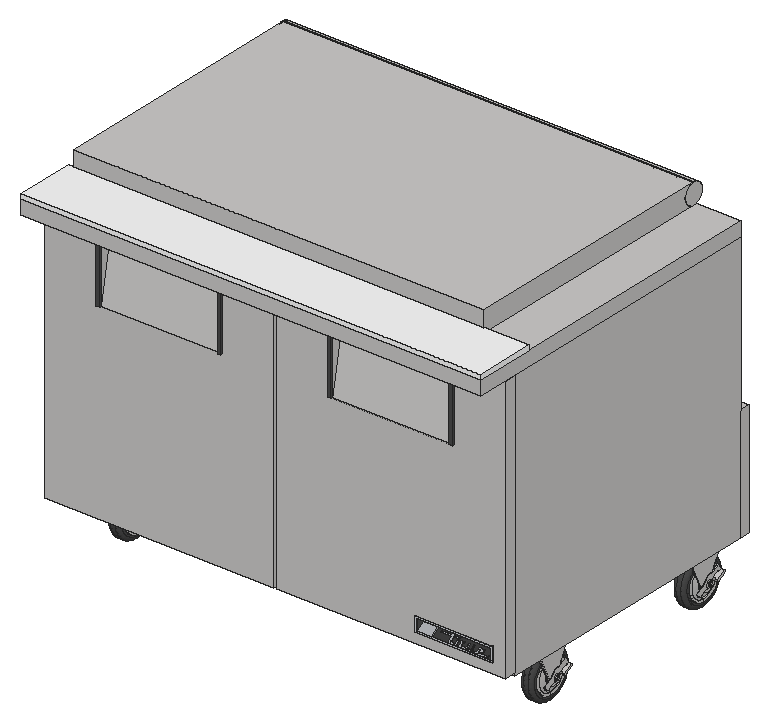
Revit family "QF_TRUE_TSSU-48-18M-B-FGLID-HC_cat", category Specialty Equipment, Revit 2016
Family settings
  Part Type = Normal
  Round Connector Dimension = Use Diameter
  Work Plane-Based = No
  Always vertical = Yes
  Cut with Voids When Loaded = No
  Shared = No
  Room Calculation Point = No
Parameters
  Weight in Pounds = 320
  Watts = if(Phase = 3, Volts * FL Amps * 1.73, Volts * FL Amps)  # 667 W
  Volts = 115 V
  URL Cutsheet = ""
  Specification by User = ""
  Specification by Manufacturer = ""
  Show 6 Inches Seismic Flanged Legs [instance] = no
  Show Logo [instance] = yes
  Show Default Castors [instance] = if(Show 6 Inches Standard Legs, or(Show 6 Inches Seismic Flanged Legs, Show 2.5 Inches Castors), if(Show 2.5 Inches Castors, Show 6 Inches Seismic Flanged Legs, not(or(Show 6 Inches Seismic Flanged Legs, Show 2.5 Inches Castors, Show 6 Inches Standard Legs))))  # yes
  Show Clearance [instance] = yes
  Show 6 Inches Standard Legs [instance] = no
  Show 2.5 Inches Castors [instance] = no
  Serial Number = ""
  Seismic Rating = ""
  SMACNA No = ""
  Revision Code = ""
  Phase = 1
  Number of Poles = 1
  NAFEM Spec ID Number = ""
  Model = "TSSU-48-18M-B-FGLID-HC"
  Min Ckt Ampacity = 0 A
  Max Overcurrent Protection = 0 A
  Masterspec = ""
  Manufacturer = "TRUE"
  Length = 48 5/16"
  Item Number = ""
  Installed By = ""
  Identify Quantity as Lot = yes
  Height [instance] = Base Height + Body Height  # 38 1/16"
  HP = "1/3"
  Furnished By = ""
  Foodservice Equipment Identifier = yes
  FL Amps = 5.8 A
  Electrical Remarks = ""
  Electric Connection Type = ""
  Elec Conn RI Height = 0"
  Elec Conn Connection Height = 0"
  Description = "MEGA-TOP SOLID DOOR SANDWICH/SALAD UNIT WITH FLAT GLASS LID AND HYDROCARBON REFRIGERANT"
  Depth = 34 13/16"
  Cycle = 60 Hz
  Conn Plug = "NEMA 5-15P"
  Conn Conduit = yes
  CSI MasterFormat = ""
  Body Height [instance] = 31 7/8"
  Base Height [instance] = if(Show Default Castors, 6 3/16", if(Show 6 Inches Standard Legs, 6", if(Show 6 Inches Seismic Flanged Legs, 6", if(Show 2.5 Inches Castors, 2 1/2", 6 3/16"))))  # 6 3/16"
  Apparent Power = if(Phase = 3, Volts * FL Amps * 1.73, Volts * FL Amps)  # 667 VA
  6 Inches Standard Legs [instance] = and(Show 6 Inches Standard Legs, not(Show Default Castors))  # no
  6 Inches Seismic Flanged Legs [instance] = and(Show 6 Inches Seismic Flanged Legs, not(Show Default Castors))  # no
  2.5 Inches Castors [instance] = and(Show 2.5 Inches Castors, not(Show Default Castors))  # no
Reference planes (in)
  plane 1 "BACK": y = 0
  plane 2: z = 0
  plane 3 "LEFT": x = 0
  plane 4 "RIGHT": x = 48.3125
  plane 5 "FRONT": y = -34.8125
  plane 6 "TOP": z = 38.0625
  plane 7 "Center Y": x = 24.15625
  plane 8 "Center X": y = -17.40625
  plane 9: y = -52.28125
  plane 10: z = 6.1875
Dimensions and locks (in)
  equal spacing: plane 3 "LEFT", plane 7 "Center Y", plane 4 "RIGHT"
  "Length": plane 3 "LEFT" to plane 4 "RIGHT"
  equal spacing: plane 5 "FRONT", plane 8 "Center X", plane 1 "BACK"
  "Depth": plane 5 "FRONT" to plane 1 "BACK"
  "Base Height": plane 10 to level
  plane 3 "LEFT" to plane 4 "RIGHT" = 48 5/16"
  plane 9 to plane 5 "FRONT" = 17 15/32"  (x2)
  plane 9 to plane 1 "BACK" = 52 9/32"
  "Body Height": plane 6 "TOP" to plane 10
  plane 6 "TOP" to level = 38 1/16"
  aligned and locked: level to plane 2
  aligned and locked: nested 5 to plane 10
Nested families (in)
  nested 1: "CASTORS" at (2.5, -4.5, 0), Show 6" Casters <- "Show Default Castors", Show Seismic flanged legs <- "6 Inches Seismic Flanged Legs", Show Standard Legs <- "6 Inches Standard Legs", Show 2.5" Casters <- "2.5 Inches Castors", type "CASTORS"
    with Type Mark "", Status "", Specification by User "", Show Standard Legs no, Show Seismic flanged legs no, Show 6" Casters yes, Show 2.5" Casters no, Revision Code "", Key Locks yes, Item Number "", Installed By "", Identify Quantity as Lot yes, Furnished By "", Foodservice Equipment Identifier yes
  nested 2: "CASTORS" at (45.8125, -4.5, 0), Show 6" Casters <- "Show Default Castors", Show Seismic flanged legs <- "6 Inches Seismic Flanged Legs", Show Standard Legs <- "6 Inches Standard Legs", Show 2.5" Casters <- "2.5 Inches Castors", type "CASTORS"
    with Type Mark "", Status "", Specification by User "", Show Standard Legs no, Show Seismic flanged legs no, Show 6" Casters yes, Show 2.5" Casters no, Revision Code "", Key Locks yes, Item Number "", Installed By "", Identify Quantity as Lot yes, Furnished By "", Foodservice Equipment Identifier yes
  nested 3: "CASTORS" at (45.8125, -24.5, 0), Show 6" Casters <- "Show Default Castors", Show Seismic flanged legs <- "6 Inches Seismic Flanged Legs", Show Standard Legs <- "6 Inches Standard Legs", Show 2.5" Casters <- "2.5 Inches Castors", type "CASTORS"
    with Type Mark "", Status "", Specification by User "", Show Standard Legs no, Show Seismic flanged legs no, Show 6" Casters yes, Show 2.5" Casters no, Revision Code "", Key Locks yes, Item Number "", Installed By "", Identify Quantity as Lot yes, Furnished By "", Foodservice Equipment Identifier yes
  nested 4: "CASTORS" at (2.5, -24.5, 0), Show 6" Casters <- "Show Default Castors", Show Seismic flanged legs <- "6 Inches Seismic Flanged Legs", Show Standard Legs <- "6 Inches Standard Legs", Show 2.5" Casters <- "2.5 Inches Castors", type "CASTORS"
    with Type Mark "", Status "", Specification by User "", Show Standard Legs no, Show Seismic flanged legs no, Show 6" Casters yes, Show 2.5" Casters no, Revision Code "", Key Locks yes, Item Number "", Installed By "", Identify Quantity as Lot yes, Furnished By "", Foodservice Equipment Identifier yes
  nested 5: "TSSU-48-18M-B-FGLID-HC" at (0, -0.75, 0), Show Clearance <- "Show Clearance", Show Logo <- "Show Logo", type "TSSU-48-18M-B-FGLID-HC"
    with Show Logo yes, Show Clearance yes
Connectors (in)
  electrical at (45.36272, 0.25, 10.426), driven by "Volts", driven by "Watts"
    settings: on nested 5, index 1, voltage 115 V, apparent load 667 VA, apparent load phase1 0 VA, apparent load phase2 0 VA, apparent load phase3 0 VA, power factor 1, load classification "Other", number of poles 1, system type 30, power factor state 1, is connector primary yes, connector utility no, sub classification motor no, connector description "ELECTRICAL CONNECTION"
Definition of nested family "CASTORS"
  Parameters (values of type "CASTORS")
    Weight = ""
    URL Manufacturer = ""
    URL Cutsheet = ""
    URL = ""
    Type Mark [instance] = ""
    Status [instance] = ""
    Specification by User [instance] = ""
    Specification by Manufacturer = ""
    Show Standard Legs [instance] = yes
    Show Seismic flanged legs [instance] = yes
    Show 6" Casters [instance] = yes
    Show 2.5" Casters [instance] = yes
    Serial Number = ""
    Seismic Rating = ""
    SMACNA No = ""
    Revision Code [instance] = ""
    Omniclass Number and Title = ""
    NAFEM Spec ID Number = ""
    Model = ""
    MasterSpec. = ""
    Manufacturer = ""
    Key Locks [instance] = yes
    Item Number [instance] = ""
    Installed By [instance] = ""
    Identify Quantity as Lot [instance] = yes
    Furnished By [instance] = ""
    Foodservice Equipment Identifier [instance] = yes
    Description = ""
    CSI MasterFormat = ""
    CSI Master Format = ""
    Assembly Code = ""
  Reference planes (in)
    plane 1: z = 0
    plane 2 "RIGHT": x = 0
    plane 3 "FRONT": y = 0
    plane 4 "TOP": z = 6
    plane 5: z = 6.1875
  Forms (in)
    Revolve 1, solid, visible <- "Show 6" Casters"
      sketch origin (0, 2.21793, 0) x (0, 1, 0) y (0, 0, 1)
        loop
          line (-2.21793, 6.1875) -> (-2.21793, 5.55584) -> (-0.93693, 5.55584) -> (-0.93693, 6.1875) -> (-2.21793, 6.1875)
        axis (-2.21793, 5.55584) -> (-2.21793, 6.1875)
      angle from 0 to 360
    Extrusion 2, solid, visible <- "Show 6" Casters"
      sketch origin (-1.81294, 2.21793, 0) x (0, 1, 0) y (0, 0, 1)
        loop
          line (-3.37793, 5.55584) -> (-3.37793, 5.25584) -> (-3.23369, 5.25584)
          arc (-3.23369, 5.25584) -> (-3.1238, 5.20977) -> (-3.03725, 5.12786) r 0.33195
          line (-3.03725, 5.12786) -> (-1.55521, 1.94961)
          arc (-1.55521, 1.94961) -> (-0.54268, 1.81523) -> (-0.22336, 2.78544) r 0.8
          arc (-0.22336, 2.78544) -> (-0.27816, 2.89808) -> (-0.34988, 3.00079) r 0.8
          arc (-0.34988, 3.00079) -> (-0.37005, 3.3613) -> (-0.26088, 3.70547) r 1
          line (-0.26088, 3.70547) -> (0.31507, 4.78867)
          arc (0.31507, 4.78867) -> (-0.09241, 4.97284) -> (-0.5252, 5.08531) r 2.63
          line (-0.5252, 5.08531) -> (-0.54193, 5.25584) -> (-1.05793, 5.25584) -> (-1.05793, 5.55584) -> (-3.37793, 5.55584)
      from 0.78968 to 0.90247
    Extrusion 3, solid, visible <- "Show 6" Casters"
      sketch origin (0.13094, 2.21793, 0) x (0, 1, 0) y (0, 0, 1)
        loop
          line (-3.37793, 5.55584) -> (-3.37793, 5.25584) -> (-3.23369, 5.25584)
          arc (-3.23369, 5.25584) -> (-3.1238, 5.20977) -> (-3.03725, 5.12786) r 0.33195
          line (-3.03725, 5.12786) -> (-1.55521, 1.94961)
          arc (-1.55521, 1.94961) -> (-0.54268, 1.81523) -> (-0.22336, 2.78544) r 0.8
          arc (-0.22336, 2.78544) -> (-0.27816, 2.89808) -> (-0.34988, 3.00079) r 0.8
          arc (-0.34988, 3.00079) -> (-0.37005, 3.3613) -> (-0.26088, 3.70547) r 1
          line (-0.26088, 3.70547) -> (0.31507, 4.78867)
          arc (0.31507, 4.78867) -> (-0.09241, 4.97284) -> (-0.5252, 5.08531) r 2.63
          line (-0.5252, 5.08531) -> (-0.54193, 5.25584) -> (-1.05793, 5.25584) -> (-1.05793, 5.55584) -> (-3.37793, 5.55584)
      from 0.78968 to 0.90247
    Extrusion 4, solid, visible <- "Show 6" Casters"
      sketch origin (-1.93794, 2.21793, 0) x (0, 1, 0) y (0, 0, 1)
        loop
          line (-3.37793, 5.55584) -> (-3.37793, 5.25584) -> (-3.23369, 5.25584) -> (-0.7432, 5.03796) -> (0.2811, 4.72479) -> (0.31507, 4.78867)
          arc (0.31507, 4.78867) -> (-0.09241, 4.97284) -> (-0.5252, 5.08531) r 2.63
          line (-0.5252, 5.08531) -> (-0.54193, 5.25584) -> (-1.05793, 5.25584) -> (-1.05793, 5.55584) -> (-3.37793, 5.55584)
      from 1.02747 to 2.85669
    Revolve 5, solid, visible <- "Show 6" Casters"
      sketch origin (-1.93794, 1.21343, 0) x (1, 0, 0) y (0, 0, 1)
        loop
          line (0.5843, 2.5041) -> (3.2907, 2.5041) -> (3.2907, 2.6421) -> (3.2407, 2.6921) -> (3.1807, 2.6921) -> (3.1807, 2.8278) -> (2.7025, 2.8278) -> (2.7025, 3.22009) -> (2.5625, 3.30092) -> (2.42847, 4.1291) -> (2.59375, 4.1291) -> (2.59375, 4.3791) -> (2.5625, 4.3791) -> (2.5625, 4.6291)
          arc (2.5625, 4.6291) -> (2.45267, 4.89426) -> (2.1875, 5.0041) r 0.375
          line (2.1875, 5.0041) -> (1.6875, 5.0041)
          arc (1.6875, 5.0041) -> (1.42233, 4.89426) -> (1.3125, 4.6291) r 0.375
          line (1.3125, 4.6291) -> (1.3125, 4.3791) -> (1.28125, 4.3791) -> (1.28125, 4.1291) -> (1.44653, 4.1291) -> (1.31307, 3.30443) -> (1.1725, 3.22327) -> (1.1725, 2.8278) -> (0.6943, 2.8278) -> (0.6943, 2.6921) -> (0.6343, 2.6921) -> (0.5843, 2.6421) -> (0.5843, 2.5041)
        axis (0.5843, 2.5041) -> (3.2907, 2.5041)
      angle from 0 to 360
    Extrusion 6, solid, visible <- "Show 6" Casters"
      sketch origin (1.125, 2.28164, 0.06473) x (0, 1, 0) y (0, 0, 1)
        loop
          line (-2.58496, 2.03961) -> (-2.48146, 1.86034)
          arc (-2.48146, 1.86034) -> (-2.2914, 1.71451) -> (-2.05389, 1.74578) r 0.313
          line (-2.05389, 1.74578) -> (-1.65224, 1.97767)
          arc (-1.65224, 1.97767) -> (-1.57675, 2.00894) -> (-1.49574, 2.01961) r 0.313
          line (-1.49574, 2.01961) -> (-0.75504, 2.01961)
          arc (-0.75504, 2.01961) -> (-0.50047, 2.10967) -> (-0.33862, 2.32583) r 0.46592
          arc (-0.33862, 2.32583) -> (-0.3435, 2.357) -> (-0.36609, 2.37904) r 0.05
          arc (-0.36609, 2.37904) -> (-0.62217, 2.51108) -> (-0.52795, 2.78336) r 0.22
          line (-0.52795, 2.78336) -> (0.14284, 3.17074)
          arc (0.14284, 3.17074) -> (0.24081, 3.14321) -> (0.21087, 3.04595) r 0.07109
          line (0.21087, 3.04595) -> (0.3415, 2.91533)
          arc (0.3415, 2.91533) -> (0.46473, 3.10362) -> (0.42979, 3.32592) r 0.313
          line (0.42979, 3.32592) -> (0.23309, 3.66661) -> (-0.54633, 3.21661)
          arc (-0.54633, 3.21661) -> (-0.67098, 3.20163) -> (-0.79652, 3.20306) r 0.9589
          arc (-0.79652, 3.20306) -> (-1.13602, 3.13035) -> (-1.38688, 2.89031) r 0.63657
          arc (-1.38688, 2.89031) -> (-1.45411, 2.76529) -> (-1.53273, 2.64711) r 1.51617
          line (-1.53273, 2.64711) -> (-1.89213, 2.43961) -> (-2.58496, 2.03961)
      from 0 to 0.0625
    Extrusion 7, solid, visible <- "Show 6" Casters"
      sketch origin (1.125, 2.28164, 0.06473) x (0, 1, 0) y (0, 0, 1)
        loop
          arc (-0.45692, 2.6604) -> (-0.48136, 2.54745) -> (-0.36656, 2.53415) r 0.078
          line (-0.36656, 2.53415) -> (0.3415, 2.91533)
          arc (0.3415, 2.91533) -> (0.44304, 3.03852) -> (0.47061, 3.19578) r 0.313
          line (0.47061, 3.19578) -> (-0.45692, 2.6604)
      from 0 to 0.5
    Extrusion 8, solid, visible <- "Show 6" Casters"
      sketch origin (-1.125, 2.28164, 0.06473) x (0, 1, 0) y (0, 0, -1)
        loop
          line (-2.58496, -2.03961) -> (-1.89213, -2.43961) -> (-1.53273, -2.64711)
          arc (-1.53273, -2.64711) -> (-1.45411, -2.76529) -> (-1.38688, -2.89031) r 1.51617
          arc (-1.38688, -2.89031) -> (-1.13602, -3.13035) -> (-0.79652, -3.20306) r 0.63657
          arc (-0.79652, -3.20306) -> (-0.67098, -3.20163) -> (-0.54633, -3.21661) r 0.9589
          line (-0.54633, -3.21661) -> (0.23309, -3.66661) -> (0.42979, -3.32592)
          arc (0.42979, -3.32592) -> (0.46473, -3.10362) -> (0.3415, -2.91533) r 0.313
          line (0.3415, -2.91533) -> (0.21087, -3.04595)
          arc (0.21087, -3.04595) -> (0.24081, -3.14321) -> (0.14284, -3.17074) r 0.07109
          line (0.14284, -3.17074) -> (-0.52795, -2.78336)
          arc (-0.52795, -2.78336) -> (-0.62217, -2.51108) -> (-0.36609, -2.37904) r 0.22
          arc (-0.36609, -2.37904) -> (-0.3435, -2.357) -> (-0.33862, -2.32583) r 0.05
          arc (-0.33862, -2.32583) -> (-0.50047, -2.10967) -> (-0.75504, -2.01961) r 0.46592
          line (-0.75504, -2.01961) -> (-1.49574, -2.01961)
          arc (-1.49574, -2.01961) -> (-1.57675, -2.00894) -> (-1.65224, -1.97767) r 0.313
          line (-1.65224, -1.97767) -> (-2.05389, -1.74578)
          arc (-2.05389, -1.74578) -> (-2.2914, -1.71451) -> (-2.48146, -1.86034) r 0.313
          line (-2.48146, -1.86034) -> (-2.58496, -2.03961)
      from 0 to 0.0625
    Extrusion 9, solid, visible <- "Show 6" Casters"
      sketch origin (-1.125, 2.28164, 0.06473) x (0, 1, 0) y (0, 0, -1)
        loop
          line (-0.45692, -2.6604) -> (0.47061, -3.19578)
          arc (0.47061, -3.19578) -> (0.44304, -3.03852) -> (0.3415, -2.91533) r 0.313
          line (0.3415, -2.91533) -> (-0.36656, -2.53415)
          arc (-0.36656, -2.53415) -> (-0.48136, -2.54745) -> (-0.45692, -2.6604) r 0.078
      from 0 to 0.5
    Revolve 10, solid, visible <- "Show Standard Legs"
      sketch origin (11.12172, 0, 0) x (-1, 0, 0) y (0, 0, -1)
        loop
          line (11.12172, -6.125) -> (11.12172, 0) -> (10.62172, 0) -> (10.62172, -1.30261) -> (10.37172, -1.30261) -> (10.37172, -6.125) -> (11.12172, -6.125)
        axis (11.12172, 0) -> (11.12172, -6.125)
      angle from 0 to 360
    Extrusion 11, solid, visible <- "Show Seismic flanged legs"
      sketch origin (0, 0, 0) x (1, 0, 0) y (0, 1, 0)
        loop
          circle (-0.00825, 0) r 1
      from 0 to 0.125
    Revolve 12, solid, visible <- "Show Seismic flanged legs"
      sketch origin (11.12172, 0, 0) x (-1, 0, 0) y (0, 0, -1)
        loop
          line (11.12172, -6.125) -> (11.12172, -0.125) -> (10.62172, -0.125) -> (10.62172, -1.30261) -> (10.37172, -1.30261) -> (10.37172, -6.125) -> (11.12172, -6.125)
        axis (11.12172, -0.125) -> (11.12172, -6.125)
      angle from 0 to 360
    Revolve 13, solid, visible <- "Show Standard Legs"
      sketch origin (-2.21793, 0, 0.25) x (-1, 0, 0) y (0, 0, 1)
        loop
          line (-2.21793, 5.875) -> (-2.21793, 5.55584) -> (-0.93693, 5.55584) -> (-0.93693, 5.875) -> (-2.21793, 5.875)
        axis (-2.21793, 5.55584) -> (-2.21793, 5.875)
      angle from 0 to 360
  Cuts and joins
    joined: Extrusion 2, Extrusion 3, Extrusion 4
  Lines and regions (in)
    symbolic lines, visible <- "Show 6" Casters"
      curve 1: line (0.70901, 2.6399, 0) -> (1.79507, 2.01286, 0)
      curve 2: line (-1.79099, -1.69023, 0) -> (-0.91599, -0.17468, 0)
      curve 3: line (-0.70493, -2.31727, 0) -> (-1.79099, -1.69023, 0)
      curve 4: line (1.79507, 2.01286, 0) -> (0.92007, 0.49732, 0)
      curve 5: line (-0.16599, 1.12436, 0) -> (0.70901, 2.6399, 0)
      curve 6: line (0.17007, -0.80172, 0) -> (-0.70493, -2.31727, 0)
  Dimensions and locks (in)
    plane 4 "TOP" to level = 6"  (x2)
    Revolve 5 sketch curve to Revolve 5 sketch curve = 2 1/2"
    plane 5 to level = 6 3/16"
    locked: Revolve 10 sketch curve to Revolve 10 sketch curve at 1.30261
    locked: Revolve 10 sketch curve to Revolve 10 sketch curve at 0.75
    locked: Revolve 12 sketch curve to Revolve 12 sketch curve at 0.75
    aligned and locked: level to plane 1
  Nested families (in)
    nested 1: "2.5 INCHES_CASTER" at (0, 0, 0), visible <- "Show 2.5" Casters", type "2.5 INCHES_CASTER"
      with Type Mark "", Specification by User "", Revision Code "", Item Number "", Installed By "", Identify Quantity as Lot yes, Furnished By "", Foodservice Equipment Identifier yes, 2.5 Inches Caster yes
  Definition of nested family "2.5 INCHES_CASTER"
    Parameters (values of type "2.5 INCHES_CASTER")
      Weight = ""
      URL Manufacturer = ""
      URL Cutsheet = ""
      URL = ""
      Type Mark [instance] = ""
      Specification by User [instance] = ""
      Specification by Manufacturer = ""
      Serial Number = ""
      Seismic Rating = ""
      SMACNA No = ""
      Revision Code [instance] = ""
      Omniclass Number and Title = ""
      NAFEM Spec ID Number = ""
      Model = ""
      MasterSpec. = ""
      Manufacturer = ""
      Item Number [instance] = ""
      Installed By [instance] = ""
      Identify Quantity as Lot [instance] = yes
      Furnished By [instance] = ""
      Foodservice Equipment Identifier [instance] = yes
      Description = ""
      CSI MasterFormat = ""
      CSI Master Format = ""
      Assembly Code = ""
      2.5 Inches Caster [instance] = yes
    Reference planes (in)
      plane 1: z = 0
      plane 2 "RIGHT": x = 0
      plane 3 "FRONT": y = 0
      plane 4 "TOP": z = 2.5
    Forms (in)
      Revolve 1, solid
        sketch origin (-1.93794, 0.46818, -1.0041) x (1, 0, 0) y (0, 0, 1)
          loop
            line (0.74055, 1.92597) -> (0.74055, 1.85047) -> (0.79055, 1.80047) -> (0.85055, 1.80047) -> (0.85055, 1.6804) -> (1.235, 1.6804) -> (1.235, 1.61305) -> (1.38673, 1.52545) -> (1.4003, 1.4416) -> (1.34375, 1.4416) -> (1.34375, 1.3166) -> (1.375, 1.3166) -> (1.375, 1.0041) -> (2.48438, 1.0041) -> (2.48438, 1.3166) -> (2.51563, 1.3166) -> (2.51563, 1.4416) -> (2.45908, 1.4416) -> (2.47322, 1.52897) -> (2.62438, 1.61624) -> (2.62438, 1.6804) -> (3.04007, 1.6804) -> (3.04007, 1.80047) -> (3.10007, 1.80047) -> (3.15007, 1.85047) -> (3.15007, 1.92597) -> (0.74055, 1.92597)
          axis (0.74055, 1.92597) -> (3.15007, 1.92597)
        angle from 0 to 360
      Extrusion 2, solid
        sketch origin (-1.93794, 1.43296, -3.2541) x (0, 1, 0) y (0, 0, 1)
          loop
            line (-0.64294, 5.43229) -> (-0.64294, 5.55298) -> (-2.21294, 5.55298) -> (-2.21294, 5.30272) -> (-1.81966, 5.30272)
            arc (-1.81966, 5.30272) -> (-1.13638, 5.20789) -> (-0.46376, 5.05475) r 8.02767
            arc (-0.46376, 5.05475) -> (-0.19511, 4.95469) -> (0.05138, 4.80832) r 1.60049
            line (0.05138, 4.80832) -> (0.12713, 4.91318)
            arc (0.12713, 4.91318) -> (-0.07255, 5.06376) -> (-0.29048, 5.18644) r 1.8753
            line (-0.29048, 5.18644) -> (-0.22239, 5.30423)
            arc (-0.22239, 5.30423) -> (-0.42776, 5.38437) -> (-0.64294, 5.43229) r 1.44292
        from 1.17357 to 2.70231
      Revolve 3, solid
        sketch origin (0, 1.73858, -3.75) x (0, 1, 0) y (0, 0, 1)
          loop
            line (-1.73858, 6.25) -> (-1.73858, 6.04889) -> (-1.05793, 6.04889) -> (-1.05793, 6.25) -> (-1.73858, 6.25)
          axis (-1.73858, 6.04889) -> (-1.73858, 6.25)
        angle from 0 to 360
      Extrusion 4, solid
        sketch origin (-1.98481, 1.43296, -1.7541) x (0, 1, 0) y (0, 0, 1)
          loop
            line (-2.21294, 4.05298) -> (-2.21294, 3.80272) -> (-2.13999, 3.80272)
            arc (-2.13999, 3.80272) -> (-1.62379, 3.51899) -> (-1.39241, 2.97729) r 0.90292
            arc (-1.39241, 2.97729) -> (-1.36136, 2.78161) -> (-1.29729, 2.59413) r 1.15385
            arc (-1.29729, 2.59413) -> (-0.94802, 2.37355) -> (-0.6121, 2.61396) r 0.37001
            arc (-0.6121, 2.61396) -> (-0.59625, 2.66241) -> (-0.58446, 2.712) r 0.61695
            arc (-0.58446, 2.712) -> (-0.36134, 3.11665) -> (0.05609, 3.31484) r 0.75313
            line (0.05609, 3.31484) -> (0.12713, 3.41318)
            arc (0.12713, 3.41318) -> (-0.07255, 3.56376) -> (-0.29048, 3.68644) r 1.8753
            line (-0.29048, 3.68644) -> (-0.22239, 3.80423)
            arc (-0.22239, 3.80423) -> (-0.42776, 3.88437) -> (-0.64294, 3.93229) r 1.44292
            line (-0.64294, 3.93229) -> (-0.64294, 4.05298) -> (-2.21294, 4.05298)
        from 2.74918 to 2.90825
      Extrusion 5, solid
        sketch origin (1.98481, 1.43296, -1.7541) x (0, 1, 0) y (0, 0, -1)
          loop
            line (-2.21294, -4.05298) -> (-0.64294, -4.05298) -> (-0.64294, -3.93229)
            arc (-0.64294, -3.93229) -> (-0.42776, -3.88437) -> (-0.22239, -3.80423) r 1.44292
            line (-0.22239, -3.80423) -> (-0.29048, -3.68644)
            arc (-0.29048, -3.68644) -> (-0.07255, -3.56376) -> (0.12713, -3.41318) r 1.8753
            line (0.12713, -3.41318) -> (0.05609, -3.31484)
            arc (0.05609, -3.31484) -> (-0.36134, -3.11665) -> (-0.58446, -2.712) r 0.75313
            arc (-0.58446, -2.712) -> (-0.59625, -2.66241) -> (-0.6121, -2.61396) r 0.61695
            arc (-0.6121, -2.61396) -> (-0.94802, -2.37355) -> (-1.29729, -2.59413) r 0.37001
            arc (-1.29729, -2.59413) -> (-1.36136, -2.78161) -> (-1.39241, -2.97729) r 1.15385
            arc (-1.39241, -2.97729) -> (-1.62379, -3.51899) -> (-2.13999, -3.80272) r 0.90292
            line (-2.13999, -3.80272) -> (-2.21294, -3.80272) -> (-2.21294, -4.05298)
        from 2.74918 to 2.90825
    Lines and regions (in)
      symbolic lines, visible <- "2.5 Inches Caster"
        curve 1: line (0.19673, 1.08498, 0) -> (0.89966, 0.67914, 0)
        curve 2: line (-0.80327, -0.64707, 0) -> (0.19673, 1.08498, 0)
        curve 3: line (-0.10034, -1.05291, 0) -> (-0.80327, -0.64707, 0)
        curve 4: line (0.89966, 0.67914, 0) -> (-0.10034, -1.05291, 0)
    Dimensions and locks (in)
      plane 4 "TOP" to level = 2 1/2"  (x2)
      aligned and locked: level to plane 1
Definition of nested family "TSSU-48-18M-B-FGLID-HC"
  Parameters (values of type "TSSU-48-18M-B-FGLID-HC")
    Weight in Pounds = 320
    Watts = if(Phase = 3, Volts * FL Amps * 1.73, Volts * FL Amps)  # 667 W
    Volts = 115 V
    URL Cutsheet = ""
    Specification by User = ""
    Specification by Manufacturer = ""
    Show Logo [instance] = yes
    Show Clearance [instance] = yes
    Serial Number = ""
    Seismic Rating = ""
    SMACNA No = ""
    Revision Code = ""
    Phase = 1
    Number of Poles = 1
    NAFEM Spec ID Number = ""
    Model = "TSSU-48-18M-B-FGLID-HC"
    Min Ckt Ampacity = 0 A
    Max Overcurrent Protection = 0 A
    Masterspec = ""
    Manufacturer = "TRUE"
    Length = 48 5/16"
    Item Number = ""
    Installed By = ""
    Identify Quantity as Lot = yes
    Height = 38 1/16"
    HP = "1/3"
    Furnished By = ""
    Foodservice Equipment Identifier = yes
    FL Amps = 5.8 A
    Electrical Remarks = ""
    Electric Connection Type = ""
    Elec Conn RI Height = 0"
    Elec Conn Connection Height = 0"
    Description = "MEGA-TOP SOLID DOOR SANDWICH/SALAD UNIT WITH FLAT GLASS LID AND HYDROCARBON REFRIGERANT"
    Depth = 34 1/16"
    Cycle = 60 Hz
    Conn Plug = "NEMA 5-15P"
    Conn Conduit = yes
    CSI MasterFormat = ""
    Apparent Power = if(Phase = 3, Volts * FL Amps * 1.73, Volts * FL Amps)  # 667 VA
  Reference planes (in)
    plane 1 "BACK": y = 0
    plane 2: z = 0
    plane 3 "LEFT": x = 0
    plane 4 "RIGHT": x = 48.3125
    plane 5 "FRONT": y = -34.0625
    plane 6 "TOP": z = 38.0625
    plane 7 "Center Y": x = 24.15625
    plane 8 "Center X": y = -17.03125
    plane 9: y = -51.53125
    plane 10: y = 1
    plane 11: z = 6.1875
    plane 12: z = 3.875
    plane 13: z = 61.03125
    plane 14: x = 0.59375
    plane 15: x = 43.59375
    plane 16: y = -27.75
    plane 17: y = 0.75
  Forms (in)
    Extrusion 1, solid
      sketch origin (0, 1, 5.375) x (0, 1, 0) y (0, 0, 1)
        loop
          line (-35.0625, 30.5625) -> (-35.0625, 29.0625) -> (-1, 29.0625) -> (-1, 30.5625) -> (-35.0625, 30.5625)
      from 0 to 48.3125
    Extrusion 2, solid
      sketch origin (0, 1, 5.375) x (0, 1, 0) y (0, 0, 1)
        loop
          line (-35.0625, 30.5625) -> (-28.75, 30.5625) -> (-28.75, 31.0625) -> (-35.0625, 31.0625) -> (-35.0625, 30.5625)
      from 0 to 48.3125
    Extrusion 3, solid
      sketch origin (0, 1, 0) x (0, 1, 0) y (0, 0, 1)
        loop
          line (-1, 34.4375) -> (-30.5625, 34.4375) -> (-30.5625, 6.1875) -> (-1, 6.1875) -> (-1, 34.4375)
      from 0 to 48.3125
    Extrusion 4, solid
      sketch origin (64.0625, -29.5625, 40.09375) x (0, 0, -1) y (-1, 0, 0)
        loop
          line (5.78125, 64.0625) -> (5.78125, 40.03125) -> (33.65625, 40.03125) -> (33.65625, 64.0625) -> (5.78125, 64.0625)
        loop
          line (33.65625, 15.75) -> (33.65625, 39.78125) -> (5.78125, 39.78125) -> (5.78125, 15.75) -> (33.65625, 15.75)
        loop
          line (13.61987, 45.85937) -> (13.61987, 58.23437) -> (7.11987, 58.23437) -> (7.11987, 45.85937) -> (13.61987, 45.85937)
        loop
          line (13.61987, 33.95313) -> (7.11987, 33.95313) -> (7.11987, 21.57812) -> (13.61987, 21.57812) -> (13.61987, 33.95313)
      from 0 to -1.25
    Revolve 5, solid
      sketch origin (6, 1, 5) x (0, 1, 0) y (0, 0, 1)
        loop
          line (-0.60959, 26.12769) -> (-1, 26.12769) -> (-1, 25.5181) -> (0, 25.5181)
          arc (0, 25.5181) -> (-0.17855, 25.94914) -> (-0.60959, 26.12769) r 0.60959
        axis (0, 25.5181) -> (-1, 25.5181)
      angle from 0 to 360
    Revolve 6, solid
      sketch origin (42.3125, 1, 5) x (0, 1, 0) y (0, 0, -1)
        loop
          arc (-0.60959, -26.12769) -> (-0.17855, -25.94914) -> (0, -25.5181) r 0.60959
          line (0, -25.5181) -> (-1, -25.5181) -> (-1, -26.12769) -> (-0.60959, -26.12769)
        axis (0, -25.5181) -> (-1, -25.5181)
      angle from 0 to 360
    Extrusion 7, solid
      sketch origin (-6.875, 1, 2.25) x (0, 1, 0) y (0, 0, 1)
        loop
          line (-1.5, 3.9375) -> (-26.50117, 3.9375) -> (-26.50117, 1.625) -> (-1.5, 1.625) -> (-1.5, 3.9375)
      from 22.9375 to 35.5625
    Extrusion 8, solid
      sketch origin (5.82813, -29.5625, 26.47388) x (0, 0, 1) y (0, -1, 0)
        loop
          line (0, 1.25) -> (0, 0) -> (6.5, 0) -> (0, 1.25)
      from 12.375 to 0
    Extrusion 9, solid
      sketch origin (-47.25, 1, 6.1875) x (0, 0, 1) y (1, 0, 0)
        loop
          circle (4.2385, 92.61272) r 0.5
      from 0 to -0.125
    Extrusion 10, solid
      sketch origin (64.0625, -30.8125, 40.09375) x (0, 0, 1) y (-1, 0, 0)
        loop
          line (-13.61987, 58.60937) -> (-13.61987, 58.23437) -> (-7.61987, 58.23437) -> (-7.61987, 45.85937) -> (-13.61987, 45.85937) -> (-13.61987, 45.48437) -> (-7.11987, 45.48437) -> (-7.11987, 58.60937) -> (-13.61987, 58.60937)
        loop
          line (-13.61987, 21.20312) -> (-7.11987, 21.20312) -> (-7.11987, 34.32813) -> (-13.61987, 34.32813) -> (-13.61987, 33.95313) -> (-7.61987, 33.95313) -> (-7.61987, 21.57812) -> (-13.61987, 21.57812) -> (-13.61987, 21.20312)
      from 0 to 0.125
    Extrusion 11, solid
      sketch origin (30.10937, -29.5625, 29.97388) x (0, 0, -1) y (0, 1, 0)
        loop
          line (3.5, -1.25) -> (3.5, 0) -> (-3, 0) -> (3.5, -1.25)
      from 12.375 to 0
    Extrusion 12, solid
      sketch origin (0, 0, 0) x (0, 1, 0) y (0, 0, 1)
        loop
          line (0, 6.1875) -> (1, 6.1875) -> (1, 18.1875) -> (0, 18.1875) -> (0, 6.1875)
      from 0 to 48.3125
    Extrusion 13, solid, visible <- "Show Clearance", detail levels coarse
      sketch origin (24.03125, -29.5625, 6.4375) x (0, 1, 0) y (1, 0, 0)
        loop
          line (-1.25, -24.03125) -> (-1.25, 0)
          arc (-1.25, 0) -> (-16.05333, -8.18423) -> (-21.96875, -24.03125) r 24.3815
          line (-21.96875, -24.03125) -> (-1.25, -24.03125)
        loop
          line (-1.25, 24.28125) -> (-21.96875, 24.28125)
          arc (-21.96875, 24.28125) -> (-16.05333, 8.43423) -> (-1.25, 0.25) r 24.3815
          line (-1.25, 0.25) -> (-1.25, 24.28125)
      from -27.875 to 0
    Extrusion 14, solid
      sketch origin (0.59375, -180, 67.04858) x (0, 0, 1) y (0, -1, 0)
        loop
          line (-28.98608, -152.25) -> (-31.11108, -152.25) -> (-31.11108, -179.6875) -> (-28.98608, -179.6875) -> (-28.98608, -152.25)
      from 0 to 43
    Extrusion 15, solid
      sketch origin (0.59375, -180, 67.04858) x (0, 0, 1) y (0, -1, 0)
        loop
          circle (-30.04858, -179.6875) r 1.0625
      from 0 to 43
    Extrusion 16, solid
      sketch origin (43.59375, -180, 67.04858) x (0, 0, 1) y (0, -1, 0)
        loop
          circle (-30.04858, -179.6875) r 1.0625
      from 0 to 0.0625
    Extrusion 17, solid
      sketch origin (0.59375, -180, 67.04858) x (0, 0, -1) y (0, -1, 0)
        loop
          circle (30.04858, -179.6875) r 1.0625
      from 0 to 0.0625
    Extrusion 18, solid, visible <- "Show Clearance", detail levels coarse
      sketch origin (0.59375, -180, 67.04858) x (0, 0, 1) y (0, -1, 0)
        loop
          line (-28.98608, -179.6875) -> (-6.01733, -166.42649)
          arc (-6.01733, -166.42649) -> (-15.44515, -156.00621) -> (-28.98608, -152.25) r 25.21533
          line (-28.98608, -152.25) -> (-28.98608, -179.6875)
      from 0 to 43
  Lines and regions (in)
    symbolic lines
      curve 1: line (2.59375, -25.75, 0) -> (41.59375, -25.75, 0)
      curve 2: line (2.59375, -2.3125, 0) -> (2.59375, -25.75, 0)
      curve 3: line (41.59375, -2.3125, 0) -> (2.59375, -2.3125, 0)
      curve 4: line (0, -34.0625, 0) -> (48.3125, -34.0625, 0)
      curve 5: line (0, 0, 0) -> (0, -34.0625, 0)
      curve 6: line (48.3125, 0, 0) -> (43.59375, 0, 0)
      curve 7: line (48.3125, -34.0625, 0) -> (48.3125, 0, 0)
      curve 8: arc (5.50776, 0.75, 0) -> (6, 1, 0) -> (6.49224, 0.75, 0) r 0.60959
      curve 9: arc (42.80474, 0.75, 0) -> (42.3125, 1, 0) -> (41.82026, 0.75, 0) r 0.60959
      curve 10: line (0, -27.75, 0) -> (48.3125, -27.75, 0)
      curve 11: line (15.59375, -2.3125, 0) -> (15.59375, -25.75, 0)
      curve 12: line (41.55835, -10.125, 0) -> (2.59375, -10.125, 0)
      curve 13: line (41.55835, -17.9375, 0) -> (2.59375, -17.9375, 0)
      curve 14: line (9.09375, -2.3125, 0) -> (9.09375, -25.75, 0)
      curve 15: line (22.09375, -2.3125, 0) -> (22.09375, -25.75, 0)
      curve 16: line (28.59375, -2.3125, 0) -> (28.59375, -25.75, 0)
      curve 21: line (41.59375, -2.3125, 0) -> (41.59375, -25.75, 0)
      curve 22: line (35.09375, -2.3125, 0) -> (35.09375, -25.75, 0)
      curve 23: line (0.59375, 0.75, 0) -> (0.59375, -27.75, 0)
      curve 24: line (43.59375, 0.75, 0) -> (43.59375, -27.75, 0)
      curve 25: line (0.59375, 0.75, 0) -> (43.59375, 0.75, 0)
      curve 26: line (0.59375, 0, 0) -> (0, 0, 0)
      curve 27: line (0.59375, -0.3125, 0) -> (43.59375, -0.3125, 0)
    symbolic lines, visible <- "Show Clearance"
      curve 17: line (0, -34.0625, 0) -> (17.42822, -44.12469, 0)
      curve 18: arc (23.30746, -34.0625, 0) -> (20.97787, -39.45003, 0) -> (17.42822, -44.12469, 0) r 24.3815
      curve 19: arc (30.88428, -44.12469, 0) -> (27.33463, -39.45003, 0) -> (25.00504, -34.0625, 0) r 24.3815
      curve 20: line (48.3125, -34.0625, 0) -> (30.88428, -44.12469, 0)
  Dimensions and locks (in)
    equal spacing: plane 3 "LEFT", plane 7 "Center Y", plane 4 "RIGHT"
    "Length": plane 3 "LEFT" to plane 4 "RIGHT"
    equal spacing: plane 5 "FRONT", plane 8 "Center X", plane 1 "BACK"
    "Depth": plane 5 "FRONT" to plane 1 "BACK"
    "Height": plane 6 "TOP" to level
    plane 3 "LEFT" to plane 4 "RIGHT" = 48 5/16"
    Extrusion 7 to Extrusion 7 to plane 4 "RIGHT" = 12 5/8", 19 5/8"
    plane 9 to plane 5 "FRONT" = 17 15/32"  (x2)
    plane 10 to plane 9 = 52 17/32"
    plane 12 to plane 2 = 3 7/8"
    plane 11 to plane 12 = 2 5/16"
    plane 9 to plane 10 = 52 17/32"
    plane 6 "TOP" to plane 11 = 31 7/8"
    Extrusion 2 to plane 11 = 29 3/4"
    plane 6 "TOP" to Extrusion 2 = 2 1/8"
    plane 11 to plane 2 = 6 3/16"
    Extrusion 2 to plane 2 = 35 15/16"
    plane 13 to Extrusion 2 = 25 3/32"
    plane 13 to plane 6 "TOP" = 22 31/32"
    plane 13 to plane 2 = 61 1/32"
    plane 14 to plane 3 "LEFT" = 19/32"
    plane 15 to plane 14 = 43"
    plane 4 "RIGHT" to plane 15 = 4 23/32"
    plane 5 "FRONT" to plane 16 = 6 5/16"
    plane 5 "FRONT" to plane 17 = 34 13/16"
    plane 17 to plane 10 = 1/4"
    plane 16 to plane 17 = 28 1/2"
    aligned and locked: level to plane 2
  Automatic sketch dimensions
    Extrusion 1 sketch curve to plane 5 "FRONT" = 0"
    Extrusion 1 sketch curve to plane 1 "BACK" = 0"
    Extrusion 1 sketch curve to plane 6 "TOP" = 3 5/8"
    Extrusion 1 sketch curve to Extrusion 1 sketch curve = 1 1/2"
    Extrusion 2 sketch curve to plane 5 "FRONT" = 0"
    Extrusion 2 sketch curve to plane 16 = 0"
    Extrusion 2 sketch curve to plane 6 "TOP" = 2 1/8"
    Extrusion 2 sketch curve to Extrusion 2 sketch curve = 1/2"
    plane 11 to Extrusion 3 sketch curve = 0"
    Extrusion 3 sketch curve to plane 1 "BACK" = 0"
    Extrusion 3 sketch curve to plane 16 = 1 13/16"
    Extrusion 3 sketch curve to plane 6 "TOP" = 3 5/8"
    Extrusion 4 sketch curve to plane 3 "LEFT" = 0"
    plane 4 "RIGHT" to Extrusion 4 sketch curve = 0"
    Extrusion 4 sketch curve to plane 6 "TOP" = 3 3/4"
    Extrusion 4 sketch curve to Extrusion 4 sketch curve = 0"
    Extrusion 4 sketch curve to plane 6 "TOP" = 5.08862"  (x2)
    Extrusion 4 sketch curve to plane 15 = 1 7/64"
    Extrusion 4 sketch curve to Extrusion 4 sketch curve = 6 1/2"  (x2)
    Extrusion 4 sketch curve to plane 7 "Center Y" = 1/8"
    Extrusion 4 sketch curve to plane 11 = 1/4"  (x2)
    plane 7 "Center Y" to Extrusion 4 sketch curve = 1/8"
    plane 7 "Center Y" to Extrusion 4 sketch curve = 5 61/64"
    Extrusion 4 sketch curve to plane 7 "Center Y" = 5 61/64"
    plane 14 to Extrusion 4 sketch curve = 5 15/64"
    Revolve 5 sketch curve to plane 1 "BACK" = 0"
    Revolve 5 sketch curve to plane 10 = 0"  (x2)
    plane 17 to Revolve 5 sketch curve = 0.35959"
    Revolve 5 sketch curve to plane 6 "TOP" = 7.5444"
    plane 1 "BACK" to Revolve 5 sketch curve = 3 3/4"
    Revolve 5 sketch curve to Revolve 5 sketch curve = 0"
    Revolve 6 sketch curve to plane 1 "BACK" = 0"
    Revolve 6 sketch curve to plane 10 = 0"  (x2)
    plane 17 to Revolve 6 sketch curve = 0.35959"
    Revolve 6 sketch curve to plane 6 "TOP" = 6.93481"
    plane 1 "BACK" to Revolve 6 sketch curve = 3 3/4"
    Revolve 6 sketch curve to Revolve 6 sketch curve = 0"
    plane 11 to Extrusion 7 sketch curve = 0"
    Extrusion 7 sketch curve to plane 12 = 0"
    plane 16 to Extrusion 7 sketch curve = 2.24883"
    plane 1 "BACK" to Extrusion 7 sketch curve = 1/2"
    Extrusion 8 sketch curve to Extrusion 4 = 0"  (x3)
    Extrusion 4 to Extrusion 8 sketch curve = 0"
    Extrusion 9 sketch curve to Extrusion 12 = 4.2385"
    Extrusion 12 to Extrusion 9 sketch curve = 2.94978"
    Extrusion 10 sketch curve to Extrusion 4 = 0"  (x8)
    Extrusion 4 to Extrusion 10 sketch curve = 0"  (x2)
    Extrusion 4 to Extrusion 10 sketch curve = 1/2"  (x2)
    Extrusion 10 sketch curve to Extrusion 4 = 3/8"  (x4)
    Extrusion 11 sketch curve to Extrusion 4 = 0"  (x2)
    Extrusion 4 to Extrusion 11 sketch curve = 0"  (x2)
    Extrusion 12 sketch curve to plane 1 "BACK" = 0"
    Extrusion 12 sketch curve to plane 10 = 0"
    plane 11 to Extrusion 12 sketch curve = 0"
    Extrusion 12 sketch curve to plane 11 = 12"
    Extrusion 13 sketch curve to Extrusion 4 = 0"  (x3)
    Extrusion 4 to Extrusion 13 sketch curve = 0"
    Extrusion 4 to Extrusion 13 sketch curve = 20 23/32"  (x2)
    Extrusion 4 to Extrusion 13 sketch curve = 0.07358"
    Extrusion 4 to Extrusion 13 sketch curve = 2.41264"
    Extrusion 13 sketch curve to Extrusion 13 sketch curve = 1/4"
    Extrusion 13 sketch curve to Extrusion 13 sketch curve = 24 1/32"
    Extrusion 14 sketch curve to plane 16 = 0"
    Extrusion 14 sketch curve to plane 6 "TOP" = 0"
    plane 1 "BACK" to Extrusion 14 sketch curve = 5/16"
    Extrusion 14 sketch curve to plane 6 "TOP" = 2 1/8"
    plane 1 "BACK" to Extrusion 15 sketch curve = 5/16"
    Extrusion 15 sketch curve to plane 6 "TOP" = 1 1/16"
    Extrusion 17 sketch curve to Extrusion 17 sketch curve = 0"  (x2)
    Extrusion 17 sketch curve to Extrusion 14 = 0"  (x2)
    Extrusion 14 to Extrusion 17 sketch curve = 0"
    Extrusion 18 sketch curve to plane 6 "TOP" = 0"
    Extrusion 18 sketch curve to plane 13 = 0"
    Extrusion 18 sketch curve to plane 16 = 0"
    plane 6 "TOP" to Extrusion 18 sketch curve = 0.29728"
    plane 8 "Center X" to Extrusion 18 sketch curve = 3.45774"
    plane 1 "BACK" to Extrusion 18 sketch curve = 5/16"
    curve 17 to plane 3 "LEFT" = 0"
    curve 27 to plane 14 = 0"
    plane 17 to curve 8 = 0"
    plane 5 "FRONT" to curve 18 = 0"
    curve 25 to plane 15 = 0"
    plane 1 "BACK" to curve 6 = 0"
    curve 6 to plane 4 "RIGHT" = 0"
    curve 10 to plane 16 = 0"
    plane 1 "BACK" to curve 26 = 0"
    curve 18 to plane 3 "LEFT" = 0.07358"
    plane 14 to curve 2 = 2"
    plane 17 to curve 8 = 0.35959"
    curve 2 to curve 8 = 3 13/32"
    curve 17 to plane 7 "Center Y" = 6.72803"
    plane 7 "Center Y" to curve 20 = 6.72803"
    curve 21 to plane 15 = 2"
    plane 17 to curve 9 = 0.35959"
    curve 9 to plane 15 = 1 9/32"
    curve 19 to plane 4 "RIGHT" = 0.07358"
    plane 9 to curve 17 = 7.40656"
    plane 9 to curve 20 = 7.40656"
    plane 16 to curve 18 = 0.60014"
    plane 16 to curve 19 = 0.60014"
    plane 16 to curve 1 = 2"
    curve 8 to curve 8 = 0.49224"
    curve 1 to curve 14 = 6 1/2"
    curve 14 to curve 11 = 6 1/2"
    curve 15 to plane 7 "Center Y" = 2 1/16"
    plane 7 "Center Y" to curve 16 = 4 7/16"
    curve 16 to curve 22 = 6 1/2"
    curve 13 to plane 8 "Center X" = 29/32"
    curve 13 to plane 15 = 2.0354"
    curve 12 to plane 15 = 2.0354"
    curve 9 to curve 9 = 0.49224"
    curve 13 to curve 12 = 7 13/16"
    plane 1 "BACK" to curve 27 = 5/16"
    plane 1 "BACK" to curve 2 = 2 5/16"
    radius of Extrusion 9 sketch curve = 1/2"
    radius of Extrusion 15 sketch curve = 1 1/16"
    radius of Extrusion 16 sketch curve to Extrusion 15 = 0"
  Nested families (in)
    nested 1: "QF_LOGO_TRUE" at (38.88039, -30.8125, 7.51961), Show Logo <- "Show Logo", type "QF_LOGO_TRUE", detail levels medium+fine
      with Show Logo yes
  Connectors (in)
    electrical at (45.36272, 1, 10.426), driven by "Volts"
      settings: on Extrusion 9, index 1, voltage 115 V, apparent load 0 VA, apparent load phase1 0 VA, apparent load phase2 0 VA, apparent load phase3 0 VA, power factor 1, load classification none, number of poles 1, system type 30, power factor state 1, is connector primary yes, connector utility no, sub classification motor no, connector description "ELECTRICAL CONNECTION"
  Definition of nested family "QF_LOGO_TRUE"
    Parameters (values of type "QF_LOGO_TRUE")
      Show Logo [instance] = yes
    Reference planes (in)
      plane 1 "Center (Front/Back)": y = 0
      plane 2: z = 0
      plane 3 "Center (Left/Right)": x = 0
    Forms (in)
      Extrusion 1, solid, visible <- "Show Logo", detail levels medium+fine
        sketch origin (-78.34647, 34.76905, -30.51001) x (1, 0, 0) y (0, 0, 1)
          loop
            line (81.15226, 31.65456) -> (81.07353, 31.48573) -> (82.12083, 31.48573)
            arc (82.12083, 31.48573) -> (82.14208, 31.44814) -> (82.12083, 31.41055) r 0.04386
            line (82.12083, 31.41055) -> (81.84767, 30.82478)
            arc (81.84767, 30.82478) -> (81.84531, 30.77052) -> (81.882, 30.73048) r 0.07096
            line (81.882, 30.73048) -> (82.55165, 30.73048)
            arc (82.55165, 30.73048) -> (82.63621, 30.75714) -> (82.69019, 30.82748) r 0.14742
            line (82.69019, 30.82748) -> (82.90515, 31.28847) -> (83.10265, 31.28847)
            arc (83.10265, 31.28847) -> (83.15447, 31.26942) -> (83.14697, 31.21472) r 0.04405
            line (83.14697, 31.21472) -> (82.9671, 30.82899)
            arc (82.9671, 30.82899) -> (82.9699, 30.76493) -> (83.02398, 30.73048) r 0.06943
            line (83.02398, 30.73048) -> (83.6124, 30.73048)
            arc (83.6124, 30.73048) -> (83.65748, 30.74689) -> (83.68147, 30.78844) r 0.07014
            arc (83.68147, 30.78844) -> (83.69845, 30.74745) -> (83.73943, 30.73048) r 0.05796
            line (83.73943, 30.73048) -> (84.112, 30.73048)
            arc (84.112, 30.73048) -> (84.15504, 30.74201) -> (84.18655, 30.77352) r 0.08608
            arc (84.18655, 30.77352) -> (84.20164, 30.7371) -> (84.23806, 30.72202) r 0.0515
            line (84.23806, 30.72202) -> (84.76757, 30.72202)
            arc (84.76757, 30.72202) -> (84.81086, 30.73995) -> (84.8288, 30.78324) r 0.06122
            arc (84.8288, 30.78324) -> (84.86848, 30.74355) -> (84.92269, 30.72903) r 0.10842
            line (84.92269, 30.72903) -> (85.91461, 30.72903) -> (86.02479, 30.91987) -> (85.0243, 30.91987)
            arc (85.0243, 30.91987) -> (84.99669, 30.93902) -> (84.99566, 30.97261) r 0.03732
            line (84.99566, 30.97261) -> (85.01297, 31.00972)
            arc (85.01297, 31.00972) -> (85.03954, 31.04453) -> (85.0813, 31.05774) r 0.07263
            line (85.0813, 31.05774) -> (85.40289, 31.05774)
            arc (85.40289, 31.05774) -> (85.4723, 31.07633) -> (85.52311, 31.12715) r 0.13882
            line (85.52311, 31.12715) -> (85.61625, 31.28847)
            arc (85.61625, 31.28847) -> (85.61625, 31.37458) -> (85.54168, 31.41763) r 0.08611
            line (85.54168, 31.41763) -> (85.20227, 31.41763)
            arc (85.20227, 31.41763) -> (85.11574, 31.40294) -> (85.05538, 31.33923) r 0.13863
            line (85.05538, 31.33923) -> (84.89409, 30.99333)
            arc (84.89409, 30.99333) -> (84.84649, 30.9313) -> (84.77191, 30.90778) r 0.13002
            line (84.77191, 30.90778) -> (84.41984, 30.90778)
            arc (84.41984, 30.90778) -> (84.3777, 30.95378) -> (84.38042, 31.0161) r 0.08151
            line (84.38042, 31.0161) -> (84.56766, 31.41763) -> (84.44849, 31.41763) -> (84.25012, 30.99222)
            arc (84.25012, 30.99222) -> (84.21158, 30.94199) -> (84.15119, 30.92296) r 0.10527
            line (84.15119, 30.92296) -> (83.90842, 30.92296)
            arc (83.90842, 30.92296) -> (83.8674, 30.97642) -> (83.87619, 31.04323) r 0.08805
            line (83.87619, 31.04323) -> (84.05078, 31.41763) -> (83.92772, 31.41763) -> (83.72676, 30.98668)
            arc (83.72676, 30.98668) -> (83.68011, 30.94003) -> (83.61639, 30.92296) r 0.12745
            line (83.61639, 30.92296) -> (83.26484, 30.92296)
            arc (83.26484, 30.92296) -> (83.2017, 30.9524) -> (83.19563, 31.0218) r 0.06967
            line (83.19563, 31.0218) -> (83.31118, 31.26961) -> (83.47452, 31.26961)
            arc (83.47452, 31.26961) -> (83.50209, 31.35268) -> (83.56075, 31.41763) r 0.21289
            line (83.56075, 31.41763) -> (82.92244, 31.41763)
            arc (82.92244, 31.41763) -> (82.85151, 31.40191) -> (82.80242, 31.34834) r 0.12081
            line (82.80242, 31.34834) -> (82.6294, 30.9773)
            arc (82.6294, 30.9773) -> (82.58962, 30.93752) -> (82.53528, 30.92296) r 0.10869
            line (82.53528, 30.92296) -> (82.1542, 30.92296)
            arc (82.1542, 30.92296) -> (82.12446, 30.96315) -> (82.13012, 31.01283) r 0.06822
            line (82.13012, 31.01283) -> (82.38156, 31.48573) -> (83.01596, 31.48573) -> (83.09469, 31.65456) -> (82.46029, 31.65456) -> (82.53902, 31.8234) -> (82.31334, 31.8234) -> (82.23461, 31.65456) -> (81.15226, 31.65456)
          loop
            arc (85.15937, 31.26434) -> (85.13191, 31.25698) -> (85.1118, 31.23688) r 0.05494
            line (85.1118, 31.23688) -> (85.09547, 31.18665)
            arc (85.09547, 31.18665) -> (85.10304, 31.16837) -> (85.12133, 31.16079) r 0.02586
            line (85.12133, 31.16079) -> (85.39889, 31.16079)
            arc (85.39889, 31.16079) -> (85.41888, 31.16523) -> (85.43513, 31.1777) r 0.04731
            line (85.43513, 31.1777) -> (85.44863, 31.2402)
            arc (85.44863, 31.2402) -> (85.44466, 31.25693) -> (85.42914, 31.26434) r 0.01994
            line (85.42914, 31.26434) -> (85.15937, 31.26434)
          loop
            line (78.62961, 30.74125) -> (80.12032, 30.74125) -> (80.73891, 31.81268) -> (79.2482, 31.81268) -> (78.62961, 30.74125)
        from 34.76797 to 34.83173
      Extrusion 2, solid, visible <- "Show Logo", detail levels medium+fine
        sketch origin (-142.84857, 34.75108, -33.3546) x (1, 0, 0) y (0, 0, 1)
          loop
            line (150.81107, 34.71978) -> (142.98607, 34.71978) -> (142.98607, 33.4921) -> (150.81107, 33.4921) -> (150.81107, 34.71978)
        from 34.75108 to 34.78125
      Extrusion 3, solid, visible <- "Show Logo", detail levels medium+fine
        sketch origin (-142.84857, 34.75108, -33.3546) x (1, 0, 0) y (0, 0, 1)
          loop
            line (150.94857, 34.85727) -> (142.84857, 34.85727) -> (142.84857, 33.3546) -> (150.94857, 33.3546) -> (150.94857, 34.85727)
          loop
            line (142.98607, 34.71978) -> (142.98607, 33.4921) -> (150.81107, 33.4921) -> (150.81107, 34.71978) -> (142.98607, 34.71978)
        from 34.75108 to 34.81376
      Extrusion 4, solid, not visible
        sketch origin (121.45701, -16.5, 4.98235) x (1, 0, 0) y (0, 0, 1)
          loop
            line (25.20115, 35.89949) -> (25.20115, 33.96647) -> (30.95381, 33.96647) -> (30.95381, 35.89949) -> (25.20115, 35.89949)
        from 31.5 to 31.54261
      Extrusion 5, solid, not visible
        sketch origin (121.45701, -16.5, 4.98235) x (1, 0, 0) y (0, 0, 1)
          loop
            line (26.7387, 34.95472) -> (26.61492, 34.49276) -> (27.038, 34.49276)
            arc (27.038, 34.49276) -> (27.13117, 34.52484) -> (27.18485, 34.60749) r 0.15134
            arc (27.18485, 34.60749) -> (27.20396, 34.68138) -> (27.22435, 34.75493) r 4.37326
            arc (27.22435, 34.75493) -> (27.23458, 34.81765) -> (27.22435, 34.88037) r 0.1974
            arc (27.22435, 34.88037) -> (27.18247, 34.93579) -> (27.11563, 34.95472) r 0.10914
            line (27.11563, 34.95472) -> (26.7387, 34.95472)
          loop
            line (26.90201, 34.80638) -> (26.84645, 34.59903) -> (26.92855, 34.59903)
            arc (26.92855, 34.59903) -> (26.98205, 34.6185) -> (27.01051, 34.6678) r 0.08322
            line (27.01051, 34.6678) -> (27.02399, 34.74424)
            arc (27.02399, 34.74424) -> (27.01491, 34.78454) -> (26.97985, 34.80638) r 0.05353
            line (26.97985, 34.80638) -> (26.90201, 34.80638)
          loop
            line (27.45336, 34.66131) -> (27.76233, 34.66131) -> (27.78859, 34.73909)
            arc (27.78859, 34.73909) -> (27.7878, 34.82039) -> (27.73107, 34.87864) r 0.10925
            arc (27.73107, 34.87864) -> (27.68233, 34.8944) -> (27.63139, 34.89974) r 0.24595
            line (27.63139, 34.89974) -> (27.46708, 34.89974)
            arc (27.46708, 34.89974) -> (27.4068, 34.88073) -> (27.3535, 34.84677) r 0.2421
            arc (27.3535, 34.84677) -> (27.2897, 34.76363) -> (27.26702, 34.66131) r 0.2421
            line (27.26702, 34.66131) -> (27.26702, 34.54477)
            arc (27.26702, 34.54477) -> (27.31618, 34.4956) -> (27.38334, 34.47761) r 0.13431
            line (27.38334, 34.47761) -> (27.59054, 34.47761)
            arc (27.59054, 34.47761) -> (27.63459, 34.48281) -> (27.67622, 34.49812) r 0.18924
            line (27.67622, 34.49812) -> (27.73102, 34.61563)
            arc (27.73102, 34.61563) -> (27.68453, 34.59565) -> (27.63566, 34.58252) r 0.35376
            arc (27.63566, 34.58252) -> (27.55885, 34.56956) -> (27.48204, 34.58252) r 0.23415
            arc (27.48204, 34.58252) -> (27.44492, 34.61362) -> (27.45336, 34.66131) r 0.04838
          loop
            line (27.4842, 34.73042) -> (27.62012, 34.73042) -> (27.62621, 34.76496)
            arc (27.62621, 34.76496) -> (27.58961, 34.80242) -> (27.53739, 34.80638) r 0.0742
            arc (27.53739, 34.80638) -> (27.49747, 34.77773) -> (27.4842, 34.73042) r 0.0742
          loop
            line (27.91616, 34.97572) -> (27.78675, 34.49276) -> (27.98645, 34.49276) -> (28.11586, 34.97572) -> (27.91616, 34.97572)
          loop
            line (28.13678, 34.66131) -> (28.08755, 34.47761) -> (28.27134, 34.47761) -> (28.32056, 34.66131) -> (28.43674, 34.66131) -> (28.47974, 34.78864) -> (28.36519, 34.78864)
            arc (28.36519, 34.78864) -> (28.35733, 34.81649) -> (28.36921, 34.84288) r 0.04231
            arc (28.36921, 34.84288) -> (28.431, 34.8652) -> (28.49617, 34.85686) r 0.13988
            line (28.49617, 34.85686) -> (28.53544, 34.97317)
            arc (28.53544, 34.97317) -> (28.39725, 34.99096) -> (28.25905, 34.97317) r 0.54546
            arc (28.25905, 34.97317) -> (28.20849, 34.91994) -> (28.18197, 34.85147) r 0.1894
            line (28.18197, 34.85147) -> (28.17089, 34.78864) -> (28.11397, 34.78864) -> (28.07985, 34.66131) -> (28.13678, 34.66131)
          loop
            arc (28.74846, 34.89756) -> (28.65884, 34.88533) -> (28.56922, 34.89756) r 0.33455
            line (28.56922, 34.89756) -> (28.45669, 34.47761) -> (28.63593, 34.47761) -> (28.74846, 34.89756)
          loop
            arc (28.60398, 35.01195) -> (28.57699, 34.97173) -> (28.60398, 34.9315) r 0.04347
            line (28.60398, 34.9315) -> (28.75755, 34.9315)
            arc (28.75755, 34.9315) -> (28.78645, 34.96687) -> (28.77911, 35.01195) r 0.0556
            line (28.77911, 35.01195) -> (28.60398, 35.01195)
          loop
            line (28.95336, 34.66131) -> (29.26233, 34.66131) -> (29.28859, 34.73909)
            arc (29.28859, 34.73909) -> (29.2878, 34.82039) -> (29.23107, 34.87864) r 0.10925
            arc (29.23107, 34.87864) -> (29.18233, 34.8944) -> (29.13139, 34.89974) r 0.24595
            line (29.13139, 34.89974) -> (28.96708, 34.89974)
            arc (28.96708, 34.89974) -> (28.9068, 34.88073) -> (28.8535, 34.84677) r 0.2421
            arc (28.8535, 34.84677) -> (28.7897, 34.76363) -> (28.76702, 34.66131) r 0.2421
            line (28.76702, 34.66131) -> (28.76702, 34.54477)
            arc (28.76702, 34.54477) -> (28.81618, 34.4956) -> (28.88334, 34.47761) r 0.13431
            line (28.88334, 34.47761) -> (29.09054, 34.47761)
            arc (29.09054, 34.47761) -> (29.13459, 34.48281) -> (29.17622, 34.49812) r 0.18924
            line (29.17622, 34.49812) -> (29.23102, 34.61563)
            arc (29.23102, 34.61563) -> (29.18453, 34.59565) -> (29.13566, 34.58252) r 0.35376
            arc (29.13566, 34.58252) -> (29.05885, 34.56956) -> (28.98204, 34.58252) r 0.23415
            arc (28.98204, 34.58252) -> (28.94492, 34.61362) -> (28.95336, 34.66131) r 0.04838
          loop
            line (28.9842, 34.73042) -> (29.12012, 34.73042) -> (29.12621, 34.76496)
            arc (29.12621, 34.76496) -> (29.08961, 34.80242) -> (29.03739, 34.80638) r 0.0742
            arc (29.03739, 34.80638) -> (28.99747, 34.77773) -> (28.9842, 34.73042) r 0.0742
          loop
            line (29.41616, 34.97572) -> (29.28675, 34.49276) -> (29.48645, 34.49276) -> (29.61586, 34.97572) -> (29.41616, 34.97572)
          loop
            line (29.99836, 34.97572) -> (29.95192, 34.80242)
            arc (29.95192, 34.80242) -> (29.94473, 34.85705) -> (29.90102, 34.89059) r 0.07199
            arc (29.90102, 34.89059) -> (29.80023, 34.89941) -> (29.70251, 34.87322) r 0.29131
            arc (29.70251, 34.87322) -> (29.61806, 34.7652) -> (29.5896, 34.63108) r 0.30433
            line (29.5896, 34.63108) -> (29.5896, 34.55572)
            arc (29.5896, 34.55572) -> (29.61075, 34.50463) -> (29.66184, 34.48348) r 0.07224
            line (29.66184, 34.48348) -> (29.78537, 34.48348)
            arc (29.78537, 34.48348) -> (29.83854, 34.51313) -> (29.88504, 34.55243) r 0.31609
            line (29.88504, 34.55243) -> (29.86905, 34.49276) -> (30.05973, 34.49276) -> (30.18914, 34.97572) -> (29.99836, 34.97572)
          loop
            arc (29.84537, 34.75931) -> (29.79424, 34.71128) -> (29.77745, 34.64317) r 0.12371
            arc (29.77745, 34.64317) -> (29.80071, 34.59901) -> (29.85056, 34.59647) r 0.05045
            arc (29.85056, 34.59647) -> (29.90141, 34.64047) -> (29.92536, 34.7033) r 0.13769
            arc (29.92536, 34.7033) -> (29.90211, 34.75521) -> (29.84537, 34.75931) r 0.05543
          loop
            line (26.45047, 35.26762) -> (26.58211, 35.26762)
            arc (26.58211, 35.26762) -> (26.60467, 35.30821) -> (26.62126, 35.35157) r 0.3277
            arc (26.62126, 35.35157) -> (26.62714, 35.39992) -> (26.60877, 35.44503) r 0.09693
            arc (26.60877, 35.44503) -> (26.56454, 35.48868) -> (26.50462, 35.50516) r 0.12312
            arc (26.50462, 35.50516) -> (26.44158, 35.50565) -> (26.37854, 35.50546) r 5.76967
            arc (26.37854, 35.50546) -> (26.07462, 35.42923) -> (25.81045, 35.26076) r 0.97743
            line (25.81045, 35.26076) -> (25.85921, 35.26076)
            arc (25.85921, 35.26076) -> (26.08494, 35.39361) -> (26.3396, 35.45485) r 0.88817
            arc (26.3396, 35.45485) -> (26.41429, 35.44188) -> (26.47267, 35.39352) r 0.14748
            arc (26.47267, 35.39352) -> (26.48041, 35.32725) -> (26.45047, 35.26762) r 0.11636
          loop
            arc (26.35412, 35.17841) -> (26.19578, 35.0555) -> (26.00982, 34.98069) r 0.72453
            arc (26.00982, 34.98069) -> (25.9036, 34.95581) -> (25.79459, 34.9604) r 0.40201
            arc (25.79459, 34.9604) -> (25.7275, 34.98819) -> (25.69972, 35.05528) r 0.09488
            arc (25.69972, 35.05528) -> (25.71867, 35.12629) -> (25.77049, 35.17841) r 0.1425
            line (25.77049, 35.17841) -> (25.73665, 35.18748)
            arc (25.73665, 35.18748) -> (25.67632, 35.09876) -> (25.66924, 34.99171) r 0.20432
            arc (25.66924, 34.99171) -> (25.71443, 34.9227) -> (25.79473, 34.90384) r 0.11116
            arc (25.79473, 34.90384) -> (25.91172, 34.89904) -> (26.02716, 34.91862) r 0.56145
            arc (26.02716, 34.91862) -> (26.27675, 35.021) -> (26.49584, 35.17841) r 1.15683
            line (26.49584, 35.17841) -> (26.35412, 35.17841)
        from 31.54261 to 31.56272
    Dimensions and locks (in)
      aligned and locked: level to plane 2
      aligned and locked: Extrusion 2 to Extrusion 3  (x2)
      aligned and locked: Extrusion 2 sketch curve to Extrusion 3
